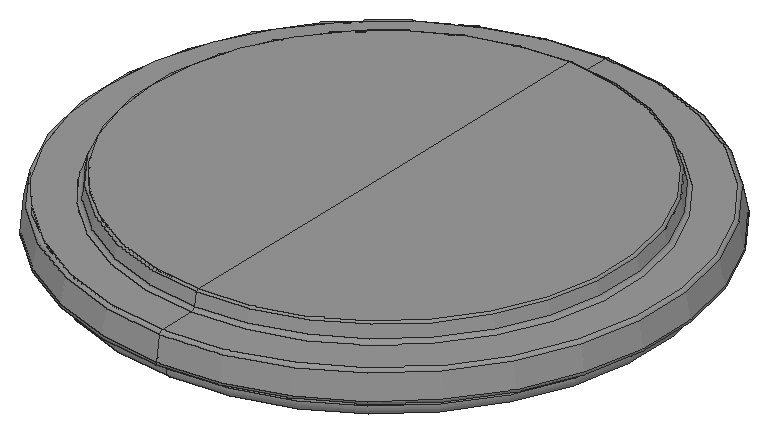
Revit family "FMK13_63_UN_Surface-mounted_ETK", category Lighting Fixtures, Revit 2017 (continued)
Definition of nested family "FMK.1 - Lightsource"
  Parameters (values of type "FMK.1109.10 - Ø250x48 / 12W")
      99.0916\r\n186.1571\t173.2273\t160.3064\t147.3979\t134.5054\t133.8004\t26.4433\t0\t0\t0\r\n0\t0\t0\t0\t0\t0\r\n405.3384\t404.7985\t404.2731\t402.9746\t400.9294\t398.9778\t395.1912\t391.2006\t387.1764\t383.1518\r\n379.3503\t373.2478\t366.6736\t360.0872\t353.4808\t347.1016\t338.8269\t329.9717\t321.1259\t312.2733\r\n303.6511\t293.3438\t282.42\t271.4857\t260.561\t249.8768\t237.5346\t224.5982\t211.6601\t198.736\r\n185.8092\t172.8976\t159.9952\t147.0924\t134.208\t131.9549\t19.0178\t0\t0\t0\r\n0\t0\t0\t0\t0\t0\r\n405.3384\t404.775\t404.2417\t402.941\t400.8877\t398.9141\t395.0686\t391.0953\t387.0939\t383.0703\r\n379.2465\t373.03\t366.4888\t359.9216\t353.3431\t346.971\t338.5451\t329.7328\t320.92\t312.0934\r\n303.4848\t293.0109\t282.1221\t271.2145\t260.3152\t249.6258\t237.1217\t224.202\t211.2903\t198.3835\r\n185.4706\t172.5647\t159.66\t146.7717\t133.8799\t129.6163\t13.1927\t0\t0\t0\r\n0\t0\t0\t0\t0\t0\r\n405.3384\t404.7527\t404.2068\t402.9019\t400.8767\t398.8558\t394.9637\t390.9782\t387.0011\t382.9988\r\n379.1382\t372.8305\t366.3205\t359.7944\t353.2392\t346.8416\t338.2971\t329.4929\t320.6819\t311.8859\r\n303.2565\t292.6827\t281.8284\t270.9715\t260.0963\t249.3876\t236.7404\t223.8309\t210.924\t198.0301\r\n185.1227\t172.2345\t159.3412\t146.4511\t133.5636\t127.1408\t8.7076\t0\t0\t0\r\n0\t0\t0\t0\t0\t0\r\n405.3384\t404.7317\t404.1685\t402.8573\t400.8341\t398.8203\t394.8729\t390.882\t386.8997\t382.9031\r\n379.0139\t372.6472\t366.1376\t359.6334\t353.1356\t346.7285\t338.0975\t329.2976\t320.4978\t311.7082\r\n303.0442\t292.3608\t281.5086\t270.6653\t259.8241\t249.1051\t236.3739\t223.483\t210.5936\t197.696\r\n184.8022\t171.9214\t159.0318\t146.1423\t133.2543\t124.7431\t5.3342\t0\t0\t0\r\n0\t0\t0\t0\t0\t0\r\n405.3384\t404.7118\t404.0854\t402.8071\t400.7827\t398.7607\t394.8082\t390.8197\t386.8117\t382.8145\r\n378.8745\t372.4566\t365.9558\t359.4647\t352.9636\t346.5217\t337.8337\t329.0692\t320.2987\t311.5096\r\n302.8013\t292.0593\t281.2296\t270.4093\t259.5758\t248.8064\t236.0021\t223.1017\t210.2133\t197.3263\r\n184.4407\t171.5452\t158.6583\t145.7732\t132.8917\t122.5723\t2.8944\t0\t0\t0\r\n0\t0\t0\t0\t0\t0\r\n405.3384\t404.6932\t404.0473\t402.7226\t400.7224\t398.6915\t394.7212\t390.7363\t386.7361\t382.7442\r\n378.7775\t372.3101\t365.7992\t359.3066\t352.8016\t346.3302\t337.6023\t328.8394\t320.0728\t311.2958\r\n302.561\t291.776\t280.951\t270.126\t259.3004\t248.5209\t235.6594\t222.7723\t209.8851\t196.9978\r\n184.1099\t171.2248\t158.3346\t145.4546\t132.5648\t120.8445\t1.2522\t0\t0\t0\r\n0\t0\t0\t0\t0\t0\r\n405.3384\t404.6757\t404.0125\t402.6704\t400.6365\t398.604\t394.6163\t390.6263\t386.6347\t382.642\r\n378.653\t372.1631\t365.664\t359.1642\t352.6514\t346.1579\t337.4057\t328.6338\t319.8737\t311.0997\r\n302.337\t291.5239\t280.7001\t269.8776\t259.0436\t248.2362\t235.3595\t222.4683\t209.58\t196.6886\r\n183.7994\t170.9097\t158.0181\t145.1276\t132.2357\t119.6415\t0.3076\t0\t0\t0\r\n0\t0\t0\t0\t0\t0\r\n405.3384\t404.6596\t403.9806\t402.6229\t400.5746\t398.5262\t394.5231\t390.5201\t386.5171\t382.514\r\n378.4993\t372.003\t365.4952\t358.999\t352.4911\t345.9949\t337.2046\t328.4142\t319.6239\t310.8453\r\n302.055\t291.2397\t280.4128\t269.5975\t258.7705\t247.9552\t235.0564\t222.1578\t209.2708\t196.372\r\n183.485\t170.5863\t157.6875\t144.8005\t131.9018\t119.0148\t0\t0\t0\t0\r\n0\t0\t0\t0\t0\t0\r\n405.3384\t404.6446\t403.952\t402.5799\t400.516\t398.4496\t394.4362\t390.4167\t386.393\t382.3765\r\n378.3639\t371.8594\t365.3463\t358.8345\t352.3221\t345.8186\t337.0218\t328.2282\t319.4233\t310.6293\r\n301.8361\t291.0019\t280.1697\t269.3256\t258.4827\t247.6533\t234.7581\t221.854\t208.9473\t196.0427\r\n183.1396\t170.2368\t157.3331\t144.4306\t131.5295\t118.923\t0.3058\t0\t0\t0\r\n0\t0\t0\t0\t0\t0\r\n405.3384\t404.6311\t403.9266\t402.5417\t400.4513\t398.3517\t394.3448\t390.3139\t386.2918\t382.2534\r\n378.238\t371.7358\t365.2058\t358.6709\t352.1332\t345.6284\t336.8455\t328.0252\t319.2071\t310.3886\r\n301.6022\t290.7741\t279.9105\t269.0599\t258.1993\t247.3735\t234.4901\t221.5727\t208.655\t195.7516\r\n182.8364\t169.9224\t157.0186\t144.1096\t131.2095\t119.4546\t1.2376\t0\t0\t0\r\n0\t0\t0\t0\t0\t0\r\n405.3384\t404.6189\t403.9044\t402.5099\t400.4048\t398.3042\t394.3046\t390.2607\t386.2346\t382.1535\r\n378.1197\t371.6271\t365.0667\t358.4953\t351.9348\t345.4342\t336.6778\t327.8251\t318.988\t310.1383\r\n301.3588\t290.557\t279.6705\t268.7827\t257.8964\t247.0828\t234.2295\t221.3067\t208.3745\t195.4454\r\n182.519\t169.6057\t156.6841\t143.7663\t130.8565\t120.461\t2.8438\t0\t0\t0\r\n0\t0\t0\t0\t0\t0\r\n405.3384\t404.608\t403.906\t402.4809\t400.3686\t398.2825\t394.3364\t390.2509\t386.1403\t382.0139\r\n377.9719\t371.5145\t364.9316\t358.3331\t351.741\t345.2569\t336.5322\t327.65\t318.7717\t309.893\r\n301.122\t290.3538\t279.4296\t268.5063\t257.6005\t246.812\t234.0133\t221.0577\t208.1226\t195.1708\r\n182.233\t169.2892\t156.3621\t143.428\t130.5101\t121.8491\t5.2081\t0\t0\t0\r\n0\t0\t0\t0\t0\t0\r\n405.3384\t404.5983\t403.8876\t402.4562\t400.3424\t398.3285\t394.312\t390.1748\t386.0001\t381.8499\r\n377.8465\t371.4423\t364.8155\t358.179\t351.5314\t345.0554\t336.4015\t327.4708\t318.5324\t309.5879\r\n300.8096\t290.1067\t279.1611\t268.2305\t257.289\t246.5037\t233.7899\t220.8066\t207.8411\t194.873\r\n181.9286\t168.9735\t156.0235\t143.0925\t130.1555\t123.4873\t8.4517\t0\t0\t0\r\n0\t0\t0\t0\t0\t0\r\n405.3384\t404.5901\t403.8694\t402.4354\t400.3632\t398.2964\t394.2634\t390.0534\t385.8948\t381.7277\r\n377.7335\t371.3662\t364.6894\t358.0074\t351.3178\t344.8397\t336.2562\t327.2573\t318.2671\t309.292\r\n300.5434\t289.9663\t278.9733\t267.9846\t257.0011\t246.2424\t233.6423\t220.6376\t207.6416\t194.6527\r\n181.66\t168.6794\t155.7053\t142.752\t129.7991\t125.1546\t12.7273\t0\t0\t0\r\n0\t0\t0\t0\t0\t0\r\n405.3384\t404.5832\t403.8511\t402.4184\t400.3294\t398.2373\t394.1753\t389.9932\t385.8207\t381.5858\r\n377.5585\t371.29\t364.5766\t357.8427\t351.0774\t344.5671\t336.1252\t327.126\t318.0989\t309.0717\r\n300.2725\t289.8361\t278.7856\t267.7468\t256.7121\t245.9428\t233.5014\t220.4496\t207.42\t194.3931\r\n181.3835\t168.3751\t155.3885\t142.4223\t129.4696\t126.6674\t18.2327\t0\t0\t0\r\n0\t0\t0\t0\t0\t0\r\n405.3384\t404.6161\t403.833\t402.4338\t400.2812\t398.117\t394.1504\t389.9734\t385.7276\t381.4258\r\n377.3816\t371.2392\t364.4718\t357.6674\t350.8628\t344.3271\t336.3727\t327.0146\t317.9224\t308.8102\r\n299.6801\t289.9237\t278.5829\t267.4993\t256.4203\t245.3261\t233.5789\t220.2411\t207.1712\t194.1138\r\n181.0807\t168.0584\t155.0612\t142.0858\t129.1328\t127.7426\t25.2025\t0\t0\t0\r\n0\t0\t0\t0\t0\t0\r\n405.3384\t404.6105\t403.8147\t402.4101\t400.2194\t398.0503\t394.1642\t389.934\t385.6217\t381.2896\r\n377.1953\t371.2003\t364.3795\t357.5497\t350.6777\t343.7901\t336.3331\t326.9098\t317.7336\t308.5378\r\n299.3341\t289.7717\t278.414\t267.2406\t256.0784\t244.9306\t233.4048\t220.0844\t206.987\t193.9063\r\n180.8452\t167.8011\t154.7799\t141.7801\t128.7982\t128.0121\t33.8934\t0\t0\t0\r\n0\t0\t0\t0\t0\t0\r\n405.3384\t404.605\t403.7961\t402.3797\t400.115\t397.9929\t394.1749\t389.882\t385.5568\t381.1715\r\n376.6631\t371.4951\t364.3355\t357.4079\t350.4678\t343.5064\t336.2424\t326.8117\t317.5627\t308.2892\r\n298.9902\t289.5725\t278.2428\t267.0234\t255.8103\t244.5868\t233.2271\t219.9634\t206.8227\t193.6957\r\n180.6021\t167.5443\t154.4957\t141.4702\t128.4705\t115.505\t70.026\t0\t0\t0\r\n0\t0\t0\t0\t0\t0\r\n405.3384\t404.5994\t403.7772\t402.343\t400.0582\t397.9547\t394.1952\t389.8748\t385.5291\t380.979\r\n376.4372\t371.47\t364.2569\t357.2705\t350.2636\t343.2284\t336.1012\t326.741\t317.3967\t308.0368\r\n298.6712\t289.3725\t278.1474\t266.8135\t255.5191\t244.2436\t233.0342\t219.8906\t206.6977\t193.5207\r\n180.3828\t167.2783\t154.2217\t141.1824\t128.1722\t115.1956\t80.4414\t0\t0\t0\r\n0\t0\t0\t0\t0\t0\r\n405.3384\t404.594\t403.7665\t402.3007\t400.0104\t397.8946\t394.467\t389.9452\t385.4255\t380.805\r\n376.2179\t371.3573\t364.2027\t357.1507\t350.0679\t342.9438\t335.905\t326.68\t317.25\t307.8176\r\n298.3724\t289.0673\t278.0222\t266.6515\t255.3003\t243.9401\t232.7582\t219.8133\t206.5867\t193.3789\r\n180.2056\t167.0687\t153.966\t140.8994\t127.8726\t114.8827\t90.1164\t0\t0\t0\r\n0\t0\t0\t0\t0\t0\r\n405.3384\t404.5889\t403.7442\t402.2253\t399.9717\t397.8259\t394.5256\t389.9394\t385.2649\t380.6538\r\n375.9641\t371.2248\t364.1789\t357.067\t349.8977\t342.6677\t335.6288\t326.6532\t317.1531\t307.6244\r\n298.0542\t288.478\t278.2469\t266.5399\t255.0597\t243.6182\t232.4332\t219.7955\t206.4902\t193.2133\r\n180.0012\t166.821\t153.6857\t140.5957\t127.5588\t114.5661\t98.6146\t0\t0\t0\r\n0\t0\t0\t0\t0\t0\r\n405.3384\t404.5838\t403.7204\t402.1836\t399.9493\t397.495\t394.6576\t389.8387\t385.1686\t380.5014\r\n375.729\t371.0605\t364.1878\t357.0066\t349.7365\t342.3831\t334.9798\t326.9611\t317.1042\t307.4527\r\n297.7974\t288.1146\t278.1369\t266.4125\t254.8729\t243.3316\t231.7822\t219.9393\t206.403\t193.0914\r\n179.8299\t166.6203\t153.466\t140.3518\t127.2713\t114.2585\t105.3682\t0\t0\t0\r\n0\t0\t0\t0\t0\t0\r\n405.3384\t404.579\t403.6953\t402.1453\t400.0044\t397.4328\t394.6846\t389.7831\t385.1052\t380.3588\r\n375.5172\t370.8454\t364.2472\t356.9647\t349.5864\t342.1389\t334.6459\t326.9338\t317.0698\t307.3364\r\n297.5463\t287.7394\t277.9639\t266.3589\t254.7041\t243.037\t231.404\t219.803\t206.3799\t193.0247\r\n179.6747\t166.415\t153.2216\t140.0873\t127.0126\t113.9921\t109.8199\t9.0426\t0\t0\r\n0\t0\t0\t0\t0\t0\r\n405.3384\t404.5744\t403.6691\t402.1103\t399.9781\t397.3776\t394.6495\t389.7577\t385.0555\t380.2439\r\n375.3168\t370.2787\t364.5973\t356.9471\t349.4699\t341.9308\t334.3338\t326.7694\t317.1018\t307.2337\r\n297.342\t287.4211\t277.6928\t266.3301\t254.5511\t242.8085\t231.0731\t219.5536\t206.3499\t192.9347\r\n179.5687\t166.2649\t153.016\t139.8234\t126.726\t113.6905\t111.2803\t21.7073\t0\t0\r\n0\t0\t0\t0\t0\t0\r\n405.3384\t404.57\t403.6421\t402.0785\t399.9533\t397.3665\t394.4977\t389.7642\t385.0355\t380.1533\r\n375.1312\t370.0104\t364.5699\t356.9602\t349.3932\t341.7532\t334.0283\t326.4707\t317.1654\t307.1994\r\n297.1718\t287.133\t277.0299\t266.5617\t254.4718\t242.5962\t230.7316\t218.9364\t206.6337\t192.9105\r\n179.4434\t166.087\t152.7988\t139.6068\t126.4833\t113.4569\t100.4945\t60.079\t0\t0\r\n0\t0\t0\t0\t0\t0\r\n405.3384\t404.5661\t403.6144\t402.0512\t399.9354\t397.2997\t394.4018\t389.8025\t385.0322\t380.0745\r\n374.9814\t369.7443\t364.4545\t357.0142\t349.3678\t341.6146\t333.7412\t325.8005\t317.4989\t307.1996\r\n297.0754\t286.8649\t276.6591\t266.3928\t254.4188\t242.4545\t230.4861\t218.5355\t206.5242\t192.8964\r\n179.3794\t165.9637\t152.639\t139.4008\t126.2545\t113.2052\t100.2394\t75.4175\t0\t0\r\n0\t0\t0\t0\t0\t0\r\n405.3384\t404.5625\t403.5863\t402.0218\t399.9104\t397.2171\t394.3045\t389.8927\t385.0511\t380.0149\r\n374.8455\t369.4904\t364.2419\t357.1219\t349.384\t341.4901\t333.5186\t325.4314\t317.3612\t307.2899\r\n297.0022\t286.6805\t276.276\t266.1102\t254.4772\t242.3425\t230.2194\t218.174\t206.3008\t192.9174\r\n179.3579\t165.8762\t152.4972\t139.2127\t126.0328\t112.9621\t100.0093\t87.0551\t0\t0\r\n0\t0\t0\t0\t0\t0\r\n405.3384\t404.5593\t403.5488\t401.9935\t399.8835\t397.1246\t394.2037\t390.2303\t385.0913\t379.9896\r\n374.7291\t369.2488\t363.6276\t357.5035\t349.4258\t341.4412\t333.3238\t325.0865\t317.0691\t307.6993\r\n297.0161\t286.5013\t276.02\t265.4718\t254.6844\t242.2835\t230.06\t217.8462\t205.7159\t193.2069\r\n179.3627\t165.7938\t152.3453\t139.0419\t125.8422\t112.7623\t99.7796\t94.113\t0.6105\t0\r\n0\t0\t0\t0\t0\t0\r\n405.3384\t404.5567\t403.4347\t401.9663\t399.8542\t396.9916\t393.8623\t390.3025\t385.1493\t379.9968\r\n374.6293\t369.0482\t363.3058\t357.4798\t349.5307\t341.4245\t333.1708\t324.8183\t316.3472\t307.7332\r\n297.0531\t286.4824\t275.7917\t265.0603\t254.4821\t242.3206\t229.9441\t217.6132\t205.3254\t193.1091\r\n179.3748\t165.764\t152.2793\t138.8941\t125.6464\t112.5384\t99.5694\t86.7243\t14.0692\t0\r\n0\t0\t0\t0\t0\t0\r\n405.3384\t404.5544\t403.4109\t401.9397\t399.8279\t396.9235\t393.766\t390.3402\t385.2395\t380.0227\r\n374.5426\t368.8806\t363.0291\t357.2464\t350.0081\t341.4712\t333.0914\t324.5758\t315.9704\t307.4474\r\n297.2703\t286.4865\t275.6403\t264.756\t253.843\t242.607\t229.9008\t217.4057\t204.9789\t192.7969\r\n179.4987\t165.7588\t152.175\t138.7541\t125.4881\t112.3504\t99.3709\t86.5437\t51.9517\t0\r\n0\t0\t0\t0\t0\t0\r\n405.3384\t404.5528\t403.3896\t401.9136\t399.7913\t396.957\t393.6984\t390.3419\t385.3606\t380.0818\r\n374.5\t368.7496\t362.7919\t356.6028\t350.0626\t341.5854\t333.0658\t324.4216\t315.6059\t306.7421\r\n297.6344\t286.5955\t275.5812\t264.5172\t253.4454\t242.4387\t229.9497\t217.306\t204.7451\t192.2166\r\n179.6744\t165.7968\t152.1564\t138.646\t125.329\t112.1759\t99.1985\t86.3772\t68.9502\t0\r\n0\t0\t0\t0\t0\t0\r\n405.3384\t404.5516\t403.3711\t401.8875\t399.7527\t396.9277\t393.6298\t390.2999\t385.7547\t380.1611\r\n374.5012\t368.6583\t362.5687\t356.2748\t349.9304\t341.7568\t333.1054\t324.2991\t315.3601\t306.3451\r\n297.4021\t286.7961\t275.6181\t264.4085\t253.1166\t241.8373\t230.2463\t217.3133\t204.529\t191.8469\r\n179.4606\t165.8616\t152.1382\t138.5889\t125.1903\t112.0098\t99.0178\t86.2149\t79.0059\t0\r\n0\t0\t0\t0\t0\t0\r\n405.3384\t404.5303\t403.3553\t401.8645\t399.7131\t396.9209\t393.5723\t390.1989\t385.8711\t380.2535\r\n374.5458\t368.6079\t362.4015\t355.9658\t349.3036\t342.1689\t333.2403\t324.278\t315.2144\t305.9895\r\n296.6392\t287.1356\t275.8011\t264.3885\t252.9357\t241.4441\t230.1178\t217.3521\t204.4354\t191.5936\r\n178.8542\t166.1287\t152.1585\t138.5008\t125.0791\t111.8622\t98.8722\t86.0895\t73.5113\t5.8064\r\n0\t0\t0\t0\t0\t0\r\n405.3384\t404.5303\t403.3424\t401.8359\t399.6738\t396.904\t393.5271\t389.8272\t385.9412\t380.4009\r\n374.6452\t368.602\t362.2897\t355.7113\t348.9026\t342.0438\t333.4533\t324.356\t315.1404\t305.736\r\n296.21\t286.8176\t276.3248\t264.5084\t252.8679\t241.1993\t229.4494\t217.6364\t204.4484\t191.4377\r\n178.5308\t165.8585\t152.2347\t138.4866\t125.0067\t111.7492\t98.7341\t85.9681\t73.4427\t41.0177\r\n0\t0\t0\t0\t0\t0\r\n405.3384\t404.5314\t403.3323\t401.8066\t399.6355\t396.8882\t393.4998\t389.7256\t385.9264\t380.8323\r\n374.7825\t368.6476\t362.2247\t355.5179\t348.5777\t341.3716\t333.8428\t324.5619\t315.1649\t305.6139\r\n295.8944\t286.068\t276.276\t264.795\t252.9611\t241.028\t229.1012\t217.1796\t204.5856\t191.3702\r\n178.2755\t165.3108\t152.4401\t138.5329\t124.9629\t111.6537\t98.6364\t85.8681\t73.3923\t59.4422\r\n0\t0\t0\t0\t0\t0\r\n405.3384\t404.5334\t403.3254\t401.7768\t399.5834\t396.8724\t393.5563\t389.6813\t385.8296\t380.9686\r\n374.9634\t368.7467\t362.223\t355.3988\t348.3247\t340.9663\t333.6105\t325.0909\t315.3013\t305.5958\r\n295.7167\t285.6879\t275.5196\t265.2641\t253.1643\t241.0284\t228.9013\t216.7619\t204.7197\t191.4431\r\n178.1426\t165.025\t152.054\t138.6238\t124.949\t111.5808\t98.5317\t85.7999\t73.3521\t67.4468\r\n0\t0\t0\t0\t0\t0\r\n405.3384\t404.5367\t403.3213\t401.747\t399.553\t396.8551\t393.5253\t389.642\t385.4196\t381.0143\r\n375.4341\t368.8936\t362.2811\t355.3633\t348.149\t340.6463\t332.8952\t325.0567\t315.6054\t305.7209\r\n295.6694\t285.4283\t275.0861\t264.6206\t253.7214\t241.2356\t228.8857\t216.5051\t204.1542\t191.7482\r\n178.1912\t164.8347\t151.6841\t138.7372\t124.9638\t111.5467\t98.4431\t85.7156\t73.3308\t61.2799\r\n6.6224\t0\t0\t0\t0\t0\r\n405.3384\t404.541\t403.3206\t401.7173\t399.5263\t396.8348\t393.4891\t389.6228\t385.3035\t380.9705\r\n375.6064\t369.1065\t362.3871\t355.4019\t348.059\t340.4189\t332.5297\t324.353\t315.9992\t306.0013\r\n295.7691\t285.3359\t274.8118\t264.0762\t253.4617\t241.8475\t229.0559\t216.4579\t203.8582\t191.3277\r\n178.4886\t164.7975\t151.4218\t138.2923\t125.0643\t111.5119\t98.3871\t85.6566\t73.3292\t61.3845\r\n41.3401\t0\t0\t0\t0\t0\r\n405.3384\t404.7046\t403.3351\t401.6085\t399.5025\t396.8106\t393.4101\t389.6964\t385.2267\t380.5909\r\n375.6608\t369.6146\t362.5887\t355.5216\t348.0628\t340.3035\t332.2796\t323.9612\t315.3815\t306.4951\r\n296.0045\t285.4293\t274.6916\t263.7186\t252.6951\t241.7657\t229.4357\t216.6186\t203.7814\t190.9543\r\n178.3774\t164.9054\t151.3423\t137.993\t125.0188\t111.5486\t98.3549\t85.6161\t73.3518\t61.5005\r\n54.5145\t0\t0\t0\t0\t0\r\n405.3384\t404.7094\t403.3409\t401.5892\t399.4806\t396.7853\t393.3861\t389.647\t385.1911\t380.4752\r\n375.5799\t369.7733\t362.8838\t355.7241\t348.1677\t340.311\t332.135\t323.6844\t314.9275\t305.9445\r\n296.5192\t285.7241\t274.7325\t263.6059\t252.3232\t240.938\t229.682\t217.0354\t203.8964\t190.8667\r\n177.8483\t165.1045\t151.4128\t137.8197\t124.5862\t111.6542\t98.3596\t85.6026\t73.3081\t61.567\r\n50.2719\t0\t0\t0\t0\t0\r\n405.3384\t404.7141\t403.3495\t401.5769\t399.4597\t396.7589\t393.3787\t389.6141\t385.2819\t380.3954\r\n375.1982\t369.7519\t363.3915\t356.0194\t348.3778\t340.4279\t332.1175\t323.54\t314.6307\t305.4612\r\n295.9656\t286.2757\t275.0119\t263.7288\t252.2133\t240.5678\t228.8725\t217.2219\t204.3601\t191.0024\r\n177.7549\t164.5951\t151.6169\t137.856\t124.3917\t111.3335\t98.3751\t85.5165\t73.2932\t61.597\r\n50.4839\t26.8985\t0\t0\t0\t0\r\n405.3384\t404.7188\t403.3611\t401.5899\t399.4393\t396.7318\t393.3783\t389.5778\t385.2799\t380.4048\r\n375.1029\t369.354\t363.4329\t356.5509\t348.7107\t340.6772\t332.2579\t323.5399\t314.5046\t305.1188\r\n295.5188\t285.63\t275.5222\t264.0384\t252.342\t240.479\t228.5121\t216.4262\t204.4988\t191.6613\r\n177.9175\t164.4704\t151.1862\t138.14\t124.3921\t111.0641\t98.3014\t85.4755\t73.1886\t61.5768\r\n50.6169\t43.8035\t0\t0\t0\t0\r\n405.3384\t404.7234\t403.3758\t401.5932\t399.3558\t396.7043\t393.383\t389.5381\t385.271\t380.3873\r\n375.0389\t369.2482\t363.0412\t356.6073\t349.2775\t341.0511\t332.5546\t323.7019\t314.5615\t305.0088\r\n295.2657\t285.1407\t274.8439\t264.3864\t252.9603\t240.7003\t228.4626\t216.1193\t203.7058\t191.2839\r\n178.5866\t164.7027\t151.1153\t137.7422\t124.6359\t111.0334\t97.9491\t85.3922\t73.0802\t61.4885\r\n50.6435\t40.5048\t0\t0\t0\t0\r\n405.3384\t404.7278\t403.3938\t401.6032\t399.3484\t396.6726\t393.3886\t389.4997\t385.2549\t380.3738\r\n375.1114\t369.2206\t362.9224\t356.2011\t349.3184\t341.6044\t333.2293\t324.0355\t314.7893\t305.1249\r\n295.2219\t284.9551\t274.4342\t263.6396\t252.6034\t241.2841\t228.7342\t216.1549\t203.4536\t190.7548\r\n178.0519\t165.358\t151.3808\t137.7373\t124.3116\t111.2524\t97.8365\t85.0967\t72.89\t61.3103\r\n50.5893\t40.6649\t9.0488\t0\t0\t0\r\n405.3384\t404.7319\t403.4151\t401.6204\t399.3511\t396.567\t393.4076\t389.4614\t385.2324\t380.3628\r\n375.0971\t369
